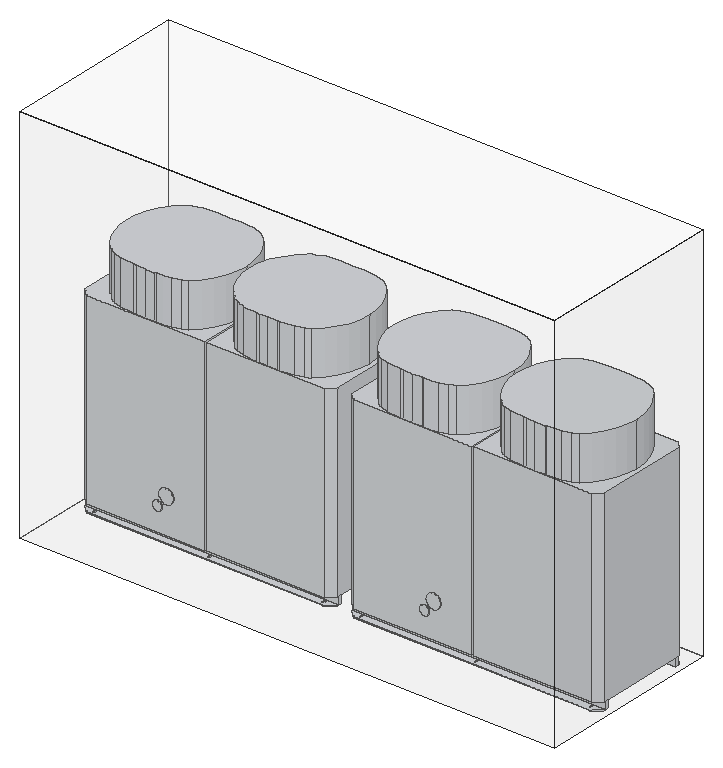
Revit family "pury-ep224_900(s)dmg9_50Hz", category 機械設備, Revit 2019
Family settings
  丸型コネクタ寸法 = 直径を使用
  パーツ タイプ = 標準
  OmniClass 番号 = 23.75.10.24.21.27.27
  OmniClass タイトル = Split System Air Conditioning Units
  作業面ベース = いいえ
  常に垂直 = はい
  ロード時にボイドで切り取り = いいえ
  共有 = いいえ
  部屋計算ポイント = いいえ
Parameters (values of type "PURY-EP900SDMG9_タイプB")
  風量（m3／min） = 640
  風量 = MAX風量  # 38400.0 m³/h
  音響パワーレベル(dB) = 89.5
  電源種別 = ""
  電源位置2Y（ユニット3） = 121 mm
  電源位置2Y（ユニット2） = 121 mm
  電源位置2Y（ユニット1） = 121 mm
  電源位置2X（ユニット3） = 516 mm
  電源位置2X（ユニット2） = 516 mm
  電源位置2X（ユニット1） = 516 mm
  電源位置1Z（ユニット3） = 217 mm
  電源位置1Z（ユニット2） = 217 mm
  電源位置1Z（ユニット1） = 217 mm
  電源位置1X（ユニット3） = 541 mm
  電源位置1X（ユニット2） = 541 mm
  電源位置1X（ユニット1） = 541 mm
  電圧 = 200 V
  電動機出力_送風機 = 3.68 kW
  電動機出力_圧縮機 = 22.2 kW
  集中コントローラ [instance] = ""
  運転質量 = 0.00 kg
  運転方法 = "冷暖同時"
  質量 = if(製品質量 > 運転質量, 製品質量, 運転質量) * 1.2  # 744.00 kg
  負荷分類 = 1_熱源類
  説明 = "ビル用マルチエアコン　室外ユニット シティマルチR2 GR 高効率EX"
  設計暖房能力 [instance] = 0 kW
  設計冷房能力_顕熱 [instance] = 0 kW
  設計冷房能力 [instance] = 0 kW
  設置方法 = "床置形"
  記号 [instance] = ""
  製造元 = "三菱電機株式会社"
  製品質量 = 620.00 kg
  製品出荷対象 = "国内"
  製品リリース年月 = "2024/4/26"
  製品グループ = ""
  系統 [instance] = ""
  符号 = "EHP"
  積算_科目 = "1 空気調和設備"
  積算_拾い区分 [instance] = ""
  相 = 3
  盤記号 [instance] = ""
  発停方法 = "付属スイッチ"
  特殊仕様 [instance] = ""
  消費電力_暖房 = 28.5 kW
  消費電力_冷房 = 30.6 kW
  消費電力 = if(消費電力_冷房 > 消費電力_暖房, 消費電力_冷房, 消費電力_暖房)  # 30.6 kW
  法定耐用年数 = "15"
  極数 = 3
  材質 [instance] = ""
  本体マテリアル = none
  最小電線太さ_mm2 = 100
  最大電流値 = 134 A
  暖房能力 = 100 kW
  推奨ブレーカー容量 = 150 A
  据付ピッチ1 = 0 mm
  形式 = "マルチパッケージ形 室外機"
  幹線記号 [instance] = ""
  始動方式 = ""
  呼称 = "マルチパッケージ形空気調和機"
  周波数 = 50 Hz
  参照している仕様書等のバージョン = "公共建築工事標準仕様書（機械設備工事編）平成31年度版"
  分類コード = "50053003300020"
  分類グループ = ""
  冷房能力 = 90 kW
  冷媒管（液）位置2 (ユニット3) = 146 mm
  冷媒管（液）位置2 (ユニット2) = 146 mm
  冷媒管（液）位置1 (ユニット3） = 533 mm
  冷媒管（ガス）位置2 (ユニット3) = 146 mm
  冷媒管（ガス）位置2 (ユニット2) = 146 mm
  冷媒管（ガス）位置1 (ユニット3) = 140 mm
  冷媒管（ガス）位置1 (ユニット1) = 140 mm
  冷媒管（液）位置1 (ユニット1) = 533 mm
  冷媒管（液）位置2 (ユニット1) = 146 mm
  冷媒管（ガス）位置2 (ユニット1) = 146 mm
  冷媒管（ガス）位置1 (ユニット2) = 140 mm
  冷媒管（液）位置1 (ユニット2） = 533 mm
  冷媒管長 [instance] = 0 mm
  冷媒管径符号 = "Hi"
  冷媒管径3 = 100.00 mm
  冷媒管径2 = 100.00 mm
  冷媒管径 = 100.00 mm
  冷媒管位置3 (ユニット3) = 294.5 mm
  冷媒管位置3 (ユニット2) = 294.5 mm
  冷媒管位置3 (ユニット1) = 294.5 mm
  冷媒管位置2 (ユニット3) = 146 mm
  冷媒管位置2 (ユニット2) = 146 mm
  冷媒管位置1 (ユニット2) = 603 mm
  冷媒管位置2 (ユニット1) = 146 mm
  冷媒管位置1 (ユニット3) = 603 mm
  冷媒管位置1 (ユニット1) = 603 mm
  冷媒液管径3 = 22.20 mm
  冷媒液管径2 = 22.20 mm
  冷媒液管径 = 22.20 mm
  冷媒ガス管径3 = 28.58 mm
  冷媒ガス管径2 = 28.58 mm
  冷媒ガス管径 = 28.58 mm
  企業コード = "108420"
  付属品 [instance] = ""
  仕様書バージョン = "Version1.0"
  ユニット隙間 = if(サービススペース_タイプA, 30 mm, 100 mm)  # 100 mm
  ユニット数 = 2
  ユニットタイプ3 = 筐体モジュール.（R2高効率） : 450K筐体
  ユニットタイプ2 = 筐体モジュール.（R2高効率） : 450K筐体
  ユニットタイプ1 = 筐体モジュール.（R2高効率） : 450K筐体
  ユニット3_S = no
  ユニット3_L = no
  ユニット3 = no
  ユニット2_S = no
  ユニット2_L = no
  ユニット2 = yes
  ユニット1_S = no
  ユニット1_L = no
  モデル = "PURY-EP900SDMG9"
  ドレン管径 = 0.00 mm
  サービススペース_タイプA = no
  サービススペース = yes
  コメント [instance] = ""
  ケーブル種類 = ""
  ケーブルサイズ = 0 mm
  アンカーボルト位置Y（ユニット3） = 681 mm
  アンカーボルト位置Y（ユニット2） = 681 mm
  アンカーボルト位置Y（ユニット1） = 681 mm
  アンカーボルト位置X（ユニット3） = 795 mm
  アンカーボルト位置X（ユニット2） = 795 mm
  アンカーボルト位置X（ユニット1） = 795 mm
  Width3 = 1750 mm
  Width2 = 1750 mm
  Width1 = 1750 mm
  Width = if(ユニット3, Width1 + Width2 + Width3 + 2 * ユニット隙間, if(ユニット2, Width1 + Width2 + 1 * ユニット隙間, Width1))  # 3600 mm
  Version = ""
  Uniclass2015Version = "Systems v1.9"
  Uniclass2015Title = "Split coil remote air cooled condensing units"
  Uniclass2015Code = "Pr_70_65_03_84"
  URL = "https://www.mitsubishielectric.co.jp/ldg/wink/qr/002/331936/"
  SpecificationReference = ""
  SpecificationDescription = ""
  Revision = ""
  ProductInformation = ""
  OmniClassCode = "23-75 10 24 21 27 27"
  OUTLINE2 = outline : outline_XL
  OUTLINE1 = outline : outline_XL
  MAX風量 = 風量（m3／min） * 60.0 m³/h  # 38400.0 m³/h
  IfcTypeProduct = ""
  IfcProduct = ""
  IfcExportType = "AIRCONDITIONINGUNIT"
  IfcExportAs = "IfcUnitaryEquipmentType"
  Height = 1650 mm
  Depth = 740 mm
  Clearance Top [instance] = if(サービススペース_タイプA, 1000 mm, 1000 mm)  # 1000 mm
  Clearance Right [instance] = if(サービススペース_タイプA, 15 mm, 50 mm)  # 50 mm
  Clearance Left [instance] = if(サービススペース_タイプA, 15 mm, 50 mm)  # 50 mm
  Clearance Front [instance] = if(サービススペース_タイプA, 450 mm, 450 mm)  # 450 mm
  Clearance Back [instance] = if(サービススペース_タイプA, 300 mm, 100 mm)  # 100 mm
  COP = 0
  Author = "三菱電機株式会社"
  APF = 0
Reference planes
  plane 1 "中心(正面/背面)": y = 0
  plane 2: z = 0
  plane 3 "中心(左/右)": x = 890
  plane 4 "右": x = 2690
  plane 5 "左": x = -910
  plane 6 "背面": y = 370
  plane 7 "正面": y = -370
  plane 8: z = 1347
  plane 9 "上部": z = 1650
  plane 10 "Clearanse Top": z = 2650
  plane 11: x = -2157
  plane 12 "冷媒操作弁ガス芯2": y = -224
  plane 13 "冷媒操作弁液芯2": y = -224
  plane 14 "SS_back": y = 470
  plane 15 "SS_front": y = -820
  plane 16 "SS_left": x = -960
  plane 17 "SS_right": x = 2740
  plane 18: x = -1010
  plane 19: x = -910
  plane 20: x = 840
  plane 21: x = 940
  plane 22: x = -2760
  plane 23: x = -307
  plane 24: x = 1543
  plane 25: x = -1885
  plane 26: x = -35
  plane 27: x = 1815
  plane 28: z = 53
  plane 29: z = 294.5
  plane 30: y = -224
  plane 31: z = 54
  plane 32: z = 294.5
  plane 33: z = 294.5
  plane 34: x = 1456
  plane 35: x = 1481
  plane 36: x = -394
  plane 37: x = -369
  plane 38: y = -249
  plane 39: y = -249
  plane 40: y = -249
  plane 41: z = 217
  plane 42: z = 217
  plane 43: z = 217
Forms (mm)
  Extrusion 1, solid, detail levels fine
    sketch origin (0, -370, 0) x (1, 0, 0) y (0, 0, 1)
      loop
        circle (1543, 294.5) r 50
    from 0 to 1
  Extrusion 2, solid, visible <- "ユニット2", detail levels fine
    sketch origin (0, -370, 0) x (1, 0, 0) y (0, 0, 1)
      loop
        circle (-307, 294.5) r 50
    from 0 to 1
  Extrusion 3, solid, detail levels fine
    sketch origin (-1437.329, -1524, 54) x (-1, 0, 0) y (0, -1, 0)
      loop
        circle (-2980.329, -1300) r 50
    from 0 to -1
  Extrusion 4, solid, visible <- "ユニット2", detail levels fine
    sketch origin (-1437.329, -1524, 54) x (-1, 0, 0) y (0, -1, 0)
      loop
        circle (-1130.329, -1300) r 50
    from 0 to -1
  Extrusion 5, solid, detail levels fine
    sketch origin (-1437.329, -1524, 54) x (-1, 0, 0) y (0, -1, 0)
      loop
        circle (-2893.329, -1275) r 32.5
    from -1 to 0
  Extrusion 6, solid, visible <- "ユニット2", detail levels fine
    sketch origin (-1437.329, -1524, 54) x (-1, 0, 0) y (0, -1, 0)
      loop
        circle (-1043.329, -1275) r 32.5
    from -1 to 0
  Extrusion 7, solid, detail levels fine
    sketch origin (0, -370, 0) x (1, 0, 0) y (0, 0, 1)
      loop
        circle (1481, 217) r 32.5
    from 0 to 1
  Extrusion 8, solid, visible <- "ユニット2", detail levels fine
    sketch origin (0, -370, 0) x (1, 0, 0) y (0, 0, 1)
      loop
        circle (-369, 217) r 32.5
    from 0 to 1
Lines and regions (mm)
  model lines, not visible
    curve 1: line (460, 178.667, 1289.179) -> (460, 297.73, 1289.179)
    curve 2: line (460, 178.667, 1056.056) -> (460, 178.667, 1289.179)
    curve 3: line (460, 297.73, 1056.056) -> (460, 178.667, 1056.056)
    curve 4: line (460, 297.73, 1289.179) -> (460, 297.73, 1056.056)
    curve 5: line (460, 47.598, 1289.179) -> (460, 166.661, 1289.179)
    curve 6: line (460, 47.598, 1056.056) -> (460, 47.598, 1289.179)
    curve 7: line (460, 166.661, 1056.056) -> (460, 47.598, 1056.056)
    curve 8: line (460, 166.661, 1289.179) -> (460, 166.661, 1056.056)
    curve 9: line (460, -83.471, 1289.179) -> (460, 35.592, 1289.179)
    curve 10: line (460, -83.471, 1056.056) -> (460, -83.471, 1289.179)
    curve 11: line (460, 35.592, 1056.056) -> (460, -83.471, 1056.056)
    curve 12: line (460, 35.592, 1289.179) -> (460, 35.592, 1056.056)
    curve 13: line (460, -150.779, 1289.179) -> (460, -95.75, 1289.179)
    curve 14: line (460, -150.779, 1056.056) -> (460, -150.779, 1289.179)
    curve 15: line (460, -95.75, 1056.056) -> (460, -150.779, 1056.056)
    curve 16: line (460, -95.75, 1289.179) -> (460, -95.75, 1056.056)
    curve 17: line (460, -150.779, 1283.175) -> (460, -132.596, 1283.175)
    curve 18: line (460, -150.779, 1062.059) -> (460, -150.779, 1283.175)
    curve 19: line (460, -132.596, 1062.059) -> (460, -150.779, 1062.059)
    curve 20: line (460, -132.596, 1283.175) -> (460, -132.596, 1062.059)
    curve 21: line (460, 178.667, 1046.051) -> (460, 297.73, 1046.051)
    curve 22: line (460, 178.667, 812.928) -> (460, 178.667, 1046.051)
    curve 23: line (460, 297.73, 812.928) -> (460, 178.667, 812.928)
    curve 24: line (460, 297.73, 1046.051) -> (460, 297.73, 812.928)
    curve 25: line (460, 47.598, 1046.051) -> (460, 166.661, 1046.051)
    curve 26: line (460, 47.598, 812.928) -> (460, 47.598, 1046.051)
    curve 27: line (460, 166.661, 812.928) -> (460, 47.598, 812.928)
    curve 28: line (460, 166.661, 1046.051) -> (460, 166.661, 812.928)
    curve 29: line (460, -83.471, 1046.051) -> (460, 35.592, 1046.051)
    curve 30: line (460, -83.471, 812.928) -> (460, -83.471, 1046.051)
    curve 31: line (460, 35.592, 812.928) -> (460, -83.471, 812.928)
    curve 32: line (460, 35.592, 1046.051) -> (460, 35.592, 812.928)
    curve 33: line (460, -150.779, 1046.051) -> (460, -95.75, 1046.051)
    curve 34: line (460, -150.779, 812.928) -> (460, -150.779, 1046.051)
    curve 35: line (460, -95.75, 812.928) -> (460, -150.779, 812.928)
    curve 36: line (460, -95.75, 1046.051) -> (460, -95.75, 812.928)
    curve 37: line (460, -150.779, 1040.048) -> (460, -132.596, 1040.048)
    curve 38: line (460, -150.779, 818.931) -> (460, -150.779, 1040.048)
    curve 39: line (460, -132.596, 818.931) -> (460, -150.779, 818.931)
    curve 40: line (460, -132.596, 1040.048) -> (460, -132.596, 818.931)
    curve 41: line (460, 178.667, 802.923) -> (460, 297.73, 802.923)
    curve 42: line (460, 178.667, 569.8) -> (460, 178.667, 802.923)
    curve 43: line (460, 297.73, 569.8) -> (460, 178.667, 569.8)
    curve 44: line (460, 297.73, 802.923) -> (460, 297.73, 569.8)
    curve 45: line (460, 47.598, 802.923) -> (460, 166.661, 802.923)
    curve 46: line (460, 47.598, 569.8) -> (460, 47.598, 802.923)
    curve 47: line (460, 166.661, 569.8) -> (460, 47.598, 569.8)
    curve 48: line (460, 166.661, 802.923) -> (460, 166.661, 569.8)
    curve 49: line (460, -83.471, 802.923) -> (460, 35.592, 802.923)
    curve 50: line (460, -83.471, 569.8) -> (460, -83.471, 802.923)
    curve 51: line (460, 35.592, 569.8) -> (460, -83.471, 569.8)
    curve 52: line (460, 35.592, 802.923) -> (460, 35.592, 569.8)
    curve 53: line (460, -150.779, 802.923) -> (460, -95.75, 802.923)
    curve 54: line (460, -150.779, 569.8) -> (460, -150.779, 802.923)
    curve 55: line (460, -95.75, 569.8) -> (460, -150.779, 569.8)
    curve 56: line (460, -95.75, 802.923) -> (460, -95.75, 569.8)
    curve 57: line (460, -150.779, 796.92) -> (460, -132.596, 796.92)
    curve 58: line (460, -150.779, 575.803) -> (460, -150.779, 796.92)
    curve 59: line (460, -132.596, 575.803) -> (460, -150.779, 575.803)
    curve 60: line (460, -132.596, 796.92) -> (460, -132.596, 575.803)
    curve 61: line (460, 178.667, 559.795) -> (460, 297.73, 559.795)
    curve 62: line (460, 178.667, 326.672) -> (460, 178.667, 559.795)
    curve 63: line (460, 297.73, 326.672) -> (460, 178.667, 326.672)
    curve 64: line (460, 297.73, 559.795) -> (460, 297.73, 326.672)
    curve 65: line (460, 47.598, 559.795) -> (460, 166.661, 559.795)
    curve 66: line (460, 47.598, 326.672) -> (460, 47.598, 559.795)
    curve 67: line (460, 166.661, 326.672) -> (460, 47.598, 326.672)
    curve 68: line (460, 166.661, 559.795) -> (460, 166.661, 326.672)
    curve 69: line (460, -83.471, 559.795) -> (460, 35.592, 559.795)
    curve 70: line (460, -83.471, 326.672) -> (460, -83.471, 559.795)
    curve 71: line (460, 35.592, 326.672) -> (460, -83.471, 326.672)
    curve 72: line (460, 35.592, 559.795) -> (460, 35.592, 326.672)
    curve 73: line (460, -150.779, 559.795) -> (460, -95.75, 559.795)
    curve 74: line (460, -150.779, 326.672) -> (460, -150.779, 559.795)
    curve 75: line (460, -95.75, 326.672) -> (460, -150.779, 326.672)
    curve 76: line (460, -95.75, 559.795) -> (460, -95.75, 326.672)
    curve 77: line (460, -150.779, 553.792) -> (460, -132.596, 553.792)
    curve 78: line (460, -150.779, 332.675) -> (460, -150.779, 553.792)
    curve 79: line (460, -132.596, 332.675) -> (460, -150.779, 332.675)
    curve 80: line (460, -132.596, 553.792) -> (460, -132.596, 332.675)
    curve 81: line (460, 178.667, 316.667) -> (460, 297.73, 316.667)
    curve 82: line (460, 178.667, 83.544) -> (460, 178.667, 316.667)
    curve 83: line (460, 297.73, 83.544) -> (460, 178.667, 83.544)
    curve 84: line (460, 297.73, 316.667) -> (460, 297.73, 83.544)
    curve 85: line (460, 47.598, 316.667) -> (460, 166.661, 316.667)
    curve 86: line (460, 47.598, 83.544) -> (460, 47.598, 316.667)
    curve 87: line (460, 166.661, 83.544) -> (460, 47.598, 83.544)
    curve 88: line (460, 166.661, 316.667) -> (460, 166.661, 83.544)
    curve 89: line (460, -83.471, 316.667) -> (460, 35.592, 316.667)
    curve 90: line (460, -83.471, 83.544) -> (460, -83.471, 316.667)
    curve 91: line (460, 35.592, 83.544) -> (460, -83.471, 83.544)
    curve 92: line (460, 35.592, 316.667) -> (460, 35.592, 83.544)
    curve 93: line (460, -150.779, 316.667) -> (460, -95.75, 316.667)
    curve 94: line (460, -150.779, 83.544) -> (460, -150.779, 316.667)
    curve 95: line (460, -95.75, 83.544) -> (460, -150.779, 83.544)
    curve 96: line (460, -95.75, 316.667) -> (460, -95.75, 83.544)
    curve 97: line (460, -150.779, 310.664) -> (460, -132.596, 310.664)
    curve 98: line (460, -150.779, 89.547) -> (460, -150.779, 310.664)
    curve 99: line (460, -132.596, 89.547) -> (460, -150.779, 89.547)
    curve 100: line (460, -132.596, 310.664) -> (460, -132.596, 89.547)
Dimensions and locks
  plane 8 to level = 1347 mm
  equal spacing: plane 7 "正面", plane 1 "中心(正面/背面)", plane 6 "背面", locked at 370 each
  "Depth": plane 7 "正面" to plane 6 "背面"
  "Width": plane 5 "左" to plane 4 "右"
  equal spacing: plane 5 "左", plane 3 "中心(左/右)", plane 4 "右"
  "冷媒管位置2 (ユニット3)": plane 7 "正面" to plane 13 "冷媒操作弁液芯2"
  "冷媒管位置2 (ユニット2)": plane 7 "正面" to plane 12 "冷媒操作弁ガス芯2"
  "Clearance Left": plane 16 "SS_left" to plane 5 "左"
  "Clearance Right": plane 4 "右" to plane 17 "SS_right"
  "Clearance Back": plane 6 "背面" to plane 14 "SS_back"
  "Clearance Front": plane 15 "SS_front" to plane 7 "正面"
  "Clearance Top": plane 10 "Clearanse Top" to plane 9 "上部"
  "Height": plane 9 "上部" to plane 2
  plane 9 "上部" to plane 8 = 303 mm
  "ユニット隙間": plane 18 to plane 19
  "Width2": plane 19 to plane 20
  "ユニット隙間": plane 20 to plane 21
  "Width3": plane 22 to plane 18
  "Width1": plane 21 to plane 4 "右"
  "冷媒管位置1 (ユニット2)": plane 19 to plane 23
  "冷媒管位置1 (ユニット1)": plane 21 to plane 24
  "冷媒管位置1 (ユニット3)": plane 22 to plane 11
  equal spacing: plane 22, plane 25, plane 18
  equal spacing: plane 19, plane 26, plane 20
  equal spacing: plane 21, plane 27, plane 4 "右"
  "冷媒管位置2 (ユニット1)": plane 7 "正面" to plane 30
  plane 31 to level = 54 mm
  "冷媒管位置3 (ユニット1)": plane 29 to level
  locked: plane 31 to plane 28 at 1
  "冷媒管位置3 (ユニット2)": plane 32 to level
  "冷媒管位置3 (ユニット3)": plane 33 to level
  "電源位置2X（ユニット2）": plane 19 to plane 36
  "電源位置2X（ユニット1）": plane 21 to plane 34
  "電源位置2Y（ユニット1）": plane 7 "正面" to plane 38
  "電源位置2Y（ユニット2）": plane 7 "正面" to plane 39
  "電源位置2Y（ユニット3）": plane 7 "正面" to plane 40
  "電源位置1X（ユニット1）": plane 35 to plane 21
  "電源位置1X（ユニット2）": plane 37 to plane 19
  "電源位置1Z（ユニット1）": plane 43 to level
  "電源位置1Z（ユニット2）": plane 42 to level
  "電源位置1Z（ユニット3）": plane 41 to level
  "冷媒管径": diameter of Extrusion 1 sketch curve
  "冷媒管径2": diameter of Extrusion 2 sketch curve
  "冷媒管径": diameter of Extrusion 3 sketch curve
  "冷媒管径2": diameter of Extrusion 4 sketch curve
  radius of Extrusion 5 sketch curve = 32.5 mm
  radius of Extrusion 6 sketch curve = 32.5 mm
  radius of Extrusion 7 sketch curve = 32.5 mm
  aligned and locked: level to plane 2
  aligned and locked: plane 14 "SS_back" to nested 1  (x2)
  aligned and locked: plane 17 "SS_right" to nested 1
  aligned and locked: plane 16 "SS_left" to nested 1  (x2)
  aligned and locked: nested 1 to plane 17 "SS_right"
  aligned and locked: plane 15 "SS_front" to nested 1
  aligned and locked: nested 2 to plane 1 "中心(正面/背面)"
  aligned and locked: plane 10 "Clearanse Top" to nested 1
  aligned and locked: nested 1 to plane 2
  aligned and locked: plane 25 to nested 2
  aligned and locked: plane 29 to Extrusion 1 sketch curve
  aligned and locked: plane 24 to Extrusion 1 sketch curve
  aligned and locked: plane 23 to Extrusion 2 sketch curve
  aligned and locked: plane 30 to Extrusion 3 sketch curve
  aligned and locked: plane 24 to Extrusion 3 sketch curve
  aligned and locked: plane 12 "冷媒操作弁ガス芯2" to Extrusion 4 sketch curve
  aligned and locked: plane 23 to Extrusion 4 sketch curve
  aligned and locked: plane 32 to Extrusion 2 sketch curve
  aligned and locked: plane 34 to Extrusion 5 sketch curve
  aligned and locked: plane 38 to Extrusion 5 sketch curve
  aligned and locked: plane 31 to Extrusion 5
  aligned and locked: Extrusion 5 to plane 28
  aligned and locked: plane 36 to Extrusion 6 sketch curve
  aligned and locked: plane 39 to Extrusion 6 sketch curve
  aligned and locked: plane 31 to Extrusion 6
  aligned and locked: Extrusion 6 to plane 28
  aligned and locked: plane 35 to Extrusion 7 sketch curve
  aligned and locked: plane 43 to Extrusion 7 sketch curve
  aligned and locked: plane 42 to Extrusion 8 sketch curve
  aligned and locked: plane 37 to Extrusion 8 sketch curve
  aligned and locked: Extrusion 8 to plane 7 "正面"
  aligned and locked: Extrusion 7 to plane 7 "正面"
  aligned and locked: Extrusion 8 to Extrusion 2
  aligned and locked: Extrusion 7 to Extrusion 1
  aligned and locked: plane 26 to nested 4
  aligned and locked: plane 27 to nested 5
  aligned and locked: plane 27 to nested 3
  aligned and locked: plane 26 to nested 6
  aligned and locked: plane 1 "中心(正面/背面)" to nested 6
Automatic sketch dimensions
  radius of Extrusion 8 sketch curve = 32.5 mm
Nested families
  nested 1: "サービススペース" at (890, -175, 1325), visible <- "サービススペース", type "サービススペース"
    with Width 3700 mm, Height 2650 mm, Depth 1290 mm
  nested 2: "筐体モジュール.（R2高効率）" at (-1885, 0, 0), 冷媒ガス管径 <- "冷媒ガス管径3", 冷媒液管径 <- "冷媒液管径3", Width <- "Width3", Depth <- "Depth", Height <- "Height", type <- "ユニットタイプ3", 冷媒ガス_X <- "冷媒管（ガス）位置1 (ユニット3)", 冷媒ガス_Y <- "冷媒管（ガス）位置2 (ユニット3)", 冷媒液_X <- "冷媒管（液）位置1 (ユニット3）", 冷媒液_Y <- "冷媒管（液）位置2 (ユニット3)", 冷媒管径 <- "冷媒管径3", 冷媒管径_X <- "冷媒管位置1 (ユニット3)", 冷媒管径_Y <- "冷媒管位置2 (ユニット3)", 冷媒管径_Z <- "冷媒管位置3 (ユニット3)", ユニット2 <- "ユニット3", type "450K筐体"
    with 冷媒管径_Z 294.5 mm, 冷媒管径_Y 146 mm, 冷媒管径_X 603 mm, 冷媒管径 100 mm, 冷媒液管径 22.2 mm, 冷媒液_Z 327 mm, 冷媒液_Y 146 mm, 冷媒液_X 533 mm, 冷媒ガス管径 28.58 mm, 冷媒ガス_Z 262 mm, 冷媒ガス_Y 146 mm, 冷媒ガス_X 140 mm, ユニット4X no, ユニット2 no, Width 1750 mm, Height 1650 mm, Depth 740 mm
  nested 3: "筐体モジュール.（R2高効率）" at (1815, 0, 0), type <- "ユニットタイプ1", 冷媒管径_X <- "冷媒管位置1 (ユニット1)", Width <- "Width1", 冷媒ガス管径 <- "冷媒ガス管径", 冷媒液管径 <- "冷媒液管径", 冷媒液_X <- "冷媒管（液）位置1 (ユニット1)", type "450K筐体", detail levels fine
    with 冷媒管径_Z 294.5 mm, 冷媒管径_Y 146 mm, 冷媒管径_X 603 mm, 冷媒管径 100 mm, 冷媒液管径 22.2 mm, 冷媒液_Z 327 mm, 冷媒液_Y 146 mm, 冷媒液_X 533 mm, 冷媒ガス管径 28.58 mm, 冷媒ガス_Z 262 mm, 冷媒ガス_Y 146 mm, 冷媒ガス_X 140 mm, ユニット4X yes, ユニット2 yes, Width 1750 mm, Height 1650 mm, Depth 740 mm
  nested 4: "outline" at (-35, 0, 0), ユニット2 <- "ユニット2", type <- "OUTLINE2", type "outline_XL", detail levels coarse+medium
    with ユニット4X no, ユニット2 yes, Width 920 mm, Height 1650 mm, Depth 740 mm
  nested 5: "outline" at (1815, 0, 0), type <- "OUTLINE1", type "outline_XL", detail levels coarse+medium
    with ユニット4X no, ユニット2 yes, Width 1220 mm, Height 1650 mm, Depth 740 mm
  nested 6: "筐体モジュール.（R2高効率）" at (-35, 0, 0), type <- "ユニットタイプ2", ユニット2 <- "ユニット2", Width <- "Width2", 冷媒ガス管径 <- "冷媒ガス管径2", 冷媒液管径 <- "冷媒液管径2", 冷媒管径_X <- "冷媒管位置1 (ユニット2)", 冷媒液_X <- "冷媒管（液）位置1 (ユニット2）", type "450K筐体"
    with 冷媒管径_Z 294.5 mm, 冷媒管径_Y 146 mm, 冷媒管径_X 603 mm, 冷媒管径 100 mm, 冷媒液管径 22.2 mm, 冷媒液_Z 327 mm, 冷媒液_Y 146 mm, 冷媒液_X 533 mm, 冷媒ガス管径 28.58 mm, 冷媒ガス_Z 262 mm, 冷媒ガス_Y 146 mm, 冷媒ガス_X 140 mm, ユニット4X yes, ユニット2 yes, Width 1750 mm, Height 1650 mm, Depth 740 mm
Connectors
  piping at (1543, -224, 53), diameter 100, driven by "冷媒管径", driven by "冷媒管径符号"
    settings: on Extrusion 3, index 7, connector inside diameter 609.60 mm, connector length 0 mm, flow factor 0, pipe flow 0.0 L/s, pressure drop 0.0 Pa, fitting loss kfactor 0, connector angle 0.00°, fixture units 0, engagement length 0 mm, angle of deflection 0.00°, flow configuration 1, flow direction 2, fitting loss method 4, system type 7, joint type 0, gender type 0, connector reference index -1, connector utility 0, adjustable connector no, is connector primary yes, connector description "Hi"
  piping at (-307, -224, 53), diameter 100, driven by "冷媒管径2", driven by "冷媒管径符号"
    settings: on Extrusion 4, index 8, connector inside diameter 609.60 mm, connector length 0 mm, flow factor 0, pipe flow 0.0 L/s, pressure drop 0.0 Pa, fitting loss kfactor 0, connector angle 0.00°, fixture units 0, engagement length 0 mm, angle of deflection 0.00°, flow configuration 1, flow direction 2, fitting loss method 4, system type 7, joint type 0, gender type 0, connector reference index -1, connector utility 0, adjustable connector no, is connector primary no, connector description "Hi"
  piping at (-307, -371, 294.5), diameter 100, driven by "冷媒管径2", driven by "冷媒管径符号"
    settings: on Extrusion 2, index 10, connector inside diameter 609.60 mm, connector length 0 mm, flow factor 0, pipe flow 0.0 L/s, pressure drop 0.0 Pa, fitting loss kfactor 0, connector angle 0.00°, fixture units 0, engagement length 0 mm, angle of deflection 0.00°, flow configuration 1, flow direction 2, fitting loss method 4, system type 7, joint type 0, gender type 0, connector reference index -1, connector utility 0, adjustable connector no, is connector primary no, connector description "Hi"
  piping at (1543, -371, 294.5), diameter 100, driven by "冷媒管径", driven by "冷媒管径符号"
    settings: on Extrusion 1, index 11, connector inside diameter 609.60 mm, connector length 0 mm, flow factor 0, pipe flow 0.0 L/s, pressure drop 0.0 Pa, fitting loss kfactor 0, connector angle 0.00°, fixture units 0, engagement length 0 mm, angle of deflection 0.00°, flow configuration 1, flow direction 2, fitting loss method 4, system type 7, joint type 0, gender type 0, connector reference index -1, connector utility 0, adjustable connector no, is connector primary no, connector description "Hi"
  electrical at (-369, -371, 217), driven by "極数", driven by "負荷分類", driven by "電圧", driven by "消費電力"
    settings: on Extrusion 8, index 12, voltage 200 V, apparent load 30600 VA, apparent load phase1 0 VA, apparent load phase2 0 VA, apparent load phase3 0 VA, power factor 1, load classification "1_熱源類", number of poles 3, system type 30, power factor state 1, is connector primary yes, connector utility no, sub classification motor no, connector description ""
  electrical at (1481, -371, 217), driven by "極数", driven by "負荷分類", driven by "電圧", driven by "消費電力"
    settings: on Extrusion 7, index 13, voltage 200 V, apparent load 30600 VA, apparent load phase1 0 VA, apparent load phase2 0 VA, apparent load phase3 0 VA, power factor 1, load classification "1_熱源類", number of poles 3, system type 30, power factor state 1, is connector primary no, connector utility no, sub classification motor no, connector description ""
  electrical at (1456, -249, 53), driven by "極数", driven by "負荷分類", driven by "電圧", driven by "消費電力"
    settings: on Extrusion 5, index 14, voltage 200 V, apparent load 30600 VA, apparent load phase1 0 VA, apparent load phase2 0 VA, apparent load phase3 0 VA, power factor 1, load classification "1_熱源類", number of poles 3, system type 30, power factor state 1, is connector primary no, connector utility no, sub classification motor no, connector description ""
  electrical at (-394, -249, 53), driven by "極数", driven by "負荷分類", driven by "電圧", driven by "消費電力"
    settings: on Extrusion 6, index 15, voltage 200 V, apparent load 30600 VA, apparent load phase1 0 VA, apparent load phase2 0 VA, apparent load phase3 0 VA, power factor 1, load classification "1_熱源類", number of poles 3, system type 30, power factor state 1, is connector primary no, connector utility no, sub classification motor no, connector description ""
Definition of nested family "サービススペース"
  Parameters (values of type "サービススペース")
    Width [instance] = 500 mm
    Height [instance] = 500 mm
    Depth [instance] = 500 mm
  Reference planes
    plane 1 "中心(正面/背面)": y = 0
    plane 2: z = 0
    plane 3 "中心(左/右)": x = 0
    plane 4: y = -250
    plane 5: x = 250
    plane 6: y = 250
    plane 7: x = -250
    plane 8: z = 250
    plane 9: z = -250
  Forms (mm)
    Extrusion 1, solid
      sketch origin (-638.939, 0, 72.39) x (1, 0, 0) y (0, 1, 0)
        loop
          line (388.939, 250) -> (388.939, -250) -> (888.939, -250) -> (888.939, 250) -> (388.939, 250)
      from -322.39 to 177.61
  Lines and regions (mm)
    symbolic lines
      curve 1: line (-250, 0, 250) -> (250, 0, 250)
      curve 2: line (-250, 0, -250) -> (-250, 0, 250)
      curve 3: line (250, 0, -250) -> (-250, 0, -250)
      curve 4: line (250, 0, 250) -> (250, 0, -250)
      curve 5: line (0, -250, 250) -> (0, 250, 250)
      curve 6: line (0, -250, -250) -> (0, -250, 250)
      curve 7: line (0, 250, -250) -> (0, -250, -250)
      curve 8: line (0, 250, 250) -> (0, 250, -250)
      curve 9: line (-250, 250, 0) -> (250, 250, 0)
      curve 10: line (-250, -250, 0) -> (-250, 250, 0)
      curve 11: line (250, -250, 0) -> (-250, -250, 0)
      curve 12: line (250, 250, 0) -> (250, -250, 0)
  Dimensions and locks
    equal spacing: plane 7, plane 3 "中心(左/右)", plane 5
    equal spacing: plane 4, plane 1 "中心(正面/背面)", plane 6
    "Depth": plane 4 to plane 6
    "Width": plane 7 to plane 5
    equal spacing: plane 8, plane 2, plane 9
    "Height": plane 8 to plane 9
    aligned and locked: plane 9 to curve 3
    aligned and locked: plane 7 to curve 2
    aligned and locked: curve 4 to plane 5
    aligned and locked: plane 5 to Extrusion 1
    aligned and locked: Extrusion 1 to plane 7
    aligned and locked: Extrusion 1 to plane 9
    aligned and locked: plane 8 to Extrusion 1
    aligned and locked: plane 9 to curve 7
  Automatic sketch dimensions
    plane 4 to Extrusion 1 sketch curve = 0 mm
    Extrusion 1 sketch curve to plane 7 = 0 mm
    Extrusion 1 sketch curve to plane 5 = 0 mm
    plane 6 to Extrusion 1 sketch curve = 0 mm
    curve 2 to plane 8 = 0 mm
    plane 4 to curve 11 = 0 mm
    curve 11 to plane 7 = 0 mm
    curve 11 to plane 5 = 0 mm
    plane 6 to curve 10 = 0 mm
    curve 7 to plane 4 = 0 mm
    curve 7 to plane 6 = 0 mm
    curve 6 to plane 8 = 0 mm
Definition of nested family "筐体モジュール.（R2高効率）"
  Parameters (values of type "400K筐体")
    冷媒管径_Z [instance] = 294.5 mm
    冷媒管径_Y [instance] = 146 mm
    冷媒管径_X [instance] = 603 mm
    冷媒管径 [instance] = 100 mm
    冷媒液管径 [instance] = 19.05 mm
    冷媒液_Z [instance] = 327 mm
    冷媒液_Y [instance] = 146 mm
    冷媒液_X [instance] = 533 mm
    冷媒ガス管径 [instance] = 25.4 mm
    冷媒ガス_Z [instance] = 262 mm
    冷媒ガス_Y [instance] = 146 mm
    冷媒ガス_X [instance] = 140 mm
    ユニット4X [instance] = and(ユニット2, Width = 1750 mm)  # yes
    ユニット2 [instance] = yes
    Width [instance] = 1750 mm
    W = 1750 mm
    Height [instance] = 1650 mm
    Depth [instance] = 740 mm
  Types (2, lengths in mm): name | 冷媒液管径 | 冷媒ガス管径
    400K筐体 | 19.05 | 25.4
    450K筐体 | 22.2 | 28.58
  Reference planes
    plane 1 "中心(正面/背面)": y = 0
    plane 2: z = 0
    plane 3 "中心(左/右)": x = 0
    plane 4: y = -370
    plane 5: y = 370
    plane 6: x = -875
    plane 7: z = 1347
    plane 8: z = 1650
    plane 9: y = -313
    plane 10: y = -293
    plane 11 "本体下部": z = 54
    plane 12: y = 370
    plane 13: y = 313
    plane 14: y = 293
    plane 15: y = 340.5
    plane 16: x = -795
    plane 17: y = -340.5
    plane 18 "電源高さ": z = 327
    plane 19 "冷媒管高さ": z = 294.5
    plane 20 "冷媒操作弁ガス芯4": z = 53
    plane 21: x = 875
    plane 22: x = -875
    plane 23: x = 875
    plane 24: x = -342
    plane 25: x = -272
    plane 26: x = -202
    plane 27: y = -224
    plane 28: y = -224
    plane 29: y = -224
    plane 30: z = 262
    plane 31: x = 795
  Forms (mm)
    Extrusion 1, solid, visible <- "ユニット4X", detail levels fine
      sketch origin (-460, 0, 0) x (1, 0, 0) y (0, 1, 0)
        loop
          line (-415, -320.583) -> (-365.583, -370) -> (455.244, -370) -> (455.244, 370) -> (-365.831, 370) -> (-415, 320.831) -> (-415, -320.583)
        loop
          line (464.756, 370) -> (464.756, -370) -> (1285.583, -370) -> (1335, -320.583) -> (1335, 320.831) -> (1285.831, 370) -> (464.756, 370)
      from 54 to 1347
    Extrusion 2, solid, visible <- "ユニット4X", detail levels fine
      sketch origin (-460, 0, 0) x (1, 0, 0) y (0, 1, 0)
        loop
          line (-415, -293) -> (-415, -313) -> (1335, -313) -> (1335, -293) -> (-415, -293)
      from 0 to 54
    Extrusion 3, solid, visible <- "ユニット4X", detail levels fine
      sketch origin (-460, 0, 0) x (1, 0, 0) y (0, 1, 0)
        loop
          line (-415, 293) -> (1335, 293) -> (1335, 313) -> (-415, 313) -> (-415, 293)
      from 0 to 54
    Extrusion 4, solid, visible <- "ユニット4X", detail levels fine
      sketch origin (-460, 0, 0) x (1, 0, 0) y (0, 1, 0)
        loop
          line (-415, -313) -> (-415, -320.583) -> (-365.583, -370) -> (1285.583, -370) -> (1335, -320.583) -> (1335, -313) -> (-415, -313)
        loop
          line (-328, -343.5) -> (-328, -337.5)
          arc (-328, -337.5) -> (-335, -330.5) -> (-342, -337.5) r 7
          line (-342, -337.5) -> (-342, -343.5)
          arc (-342, -343.5) -> (-335, -350.5) -> (-328, -343.5) r 7
        loop
          arc (1248, -343.5) -> (1255, -350.5) -> (1262, -343.5) r 7
          line (1262, -343.5) -> (1262, -337.5)
          arc (1262, -337.5) -> (1255, -330.5) -> (1248, -337.5) r 7
          line (1248, -337.5) -> (1248, -343.5)
        loop
          line (467, -343.5) -> (467, -337.5)
          arc (467, -337.5) -> (460, -330.5) -> (453, -337.5) r 7
          line (453, -337.5) -> (453, -343.5)
          arc (453, -343.5) -> (460, -350.5) -> (467, -343.5) r 7
      from 0 to 2
    Extrusion 5, solid, visible <- "ユニット4X", detail levels fine
      sketch origin (-759.5, 0, -2.5) x (1, 0, 0) y (0, 0, 1)
        loop
          circle (487.5, 297) r 50
      from 370 to 371
    Extrusion 6, solid, visible <- "ユニット4X", detail levels fine
      sketch origin (-460, 0, 0) x (1, 0, 0) y (0, 1, 0)
        loop
          circle (188, -224) r 50
      from 53 to 54
    Extrusion 7, solid, visible <- "ユニット4X", detail levels fine
      sketch origin (-460, 0, 0) x (1, 0, 0) y (0, 1, 0)
        loop
          circle (118, -224) r 9.525
      from 53 to 54
    Extrusion 8, solid, visible <- "ユニット4X", detail levels fine
      sketch origin (-460, 0, 0) x (1, 0, 0) y (0, 1, 0)
        loop
          circle (258, -224) r 12.7
      from 53 to 54
    Extrusion 9, solid, visible <- "ユニット4X", detail levels fine
      sketch origin (-460, 0, 0) x (1, 0, 0) y (0, 1, 0)
        loop
          line (-415, 313) -> (1335, 313) -> (1335, 320.583) -> (1285.583, 370) -> (-365.583, 370) -> (-415, 320.583) -> (-415, 313)
        loop
          arc (-328, 343.5) -> (-335, 350.5) -> (-342, 343.5) r 7
          line (-342, 343.5) -> (-342, 337.5)
          arc (-342, 337.5) -> (-335, 330.5) -> (-328, 337.5) r 7
          line (-328, 337.5) -> (-328, 343.5)
        loop
          line (1248, 343.5) -> (1248, 337.5)
          arc (1248, 337.5) -> (1255, 330.5) -> (1262, 337.5) r 7
          line (1262, 337.5) -> (1262, 343.5)
          arc (1262, 343.5) -> (1255, 350.5) -> (1248, 343.5) r 7
        loop
          arc (467, 343.5) -> (460, 350.5) -> (453, 343.5) r 7
          line (453, 343.5) -> (453, 337.5)
          arc (453, 337.5) -> (460, 330.5) -> (467, 337.5) r 7
          line (467, 337.5) -> (467, 343.5)
      from 0 to 2
    Extrusion 10, solid, visible <- "ユニット4X", detail levels fine
      sketch origin (426.031, 0, 0) x (-1, 0, 0) y (0, -1, 0)
        loop
          arc (-268.081, -316.106) -> (-250.974, -327.516) -> (-232.369, -336.274) r 138.853
          arc (-232.369, -336.274) -> (-204.68, -346.28) -> (-176.163, -353.601) r 308.609
          arc (-176.163, -353.601) -> (-128.058, -361) -> (-79.445, -363.367) r 468.429
          line (-79.445, -363.367) -> (0, -363.367) -> (79.445, -363.367)
          arc (79.445, -363.367) -> (128.058, -361) -> (176.163, -353.601) r 468.429
          arc (176.163, -353.601) -> (204.68, -346.28) -> (232.369, -336.274) r 308.609
          arc (232.369, -336.274) -> (250.84, -327.278) -> (268.082, -316.106) r 168.924
          arc (268.082, -316.106) -> (376.101, -174.18) -> (414.476, 0) r 414.476
          arc (414.476, 0) -> (376.101, 174.18) -> (268.081, 316.106) r 414.476
          arc (268.081, 316.106) -> (250.84, 327.278) -> (232.369, 336.274) r 168.924
          arc (232.369, 336.274) -> (204.68, 346.28) -> (176.163, 353.601) r 308.609
          arc (176.163, 353.601) -> (128.058, 361) -> (79.445, 363.367) r 468.429
          arc (79.445, 363.367) -> (71.906, 363.425) -> (64.372, 363.142) r 167.153
          line (64.372, 363.142) -> (0, 363.142) -> (-64.372, 363.142)
          arc (-64.372, 363.142) -> (-71.906, 363.425) -> (-79.445, 363.367) r 167.153
          arc (-79.445, 363.367) -> (-128.058, 361) -> (-176.163, 353.601) r 468.429
          arc (-176.163, 353.601) -> (-204.68, 346.28) -> (-232.369, 336.274) r 308.609
          arc (-232.369, 336.274) -> (-250.84, 327.278) -> (-268.081, 316.106) r 168.924
          arc (-268.081, 316.106) -> (-376.101, 174.18) -> (-414.476, 0) r 414.476
          arc (-414.476, 0) -> (-376.101, -174.18) -> (-268.081, -316.106) r 414.476
      from 1347 to 1650
    Extrusion 11, solid, visible <- "ユニット4X", detail levels fine
      sketch origin (-426.031, 0, 0) x (1, 0, 0) y (0, 1, 0)
        loop
          arc (-268.081, 316.106) -> (-376.101, 174.18) -> (-414.476, 0) r 414.476
          arc (-414.476, 0) -> (-376.101, -174.18) -> (-268.081, -316.106) r 414.476
          arc (-268.081, -316.106) -> (-250.84, -327.278) -> (-232.369, -336.274) r 168.924
          arc (-232.369, -336.274) -> (-204.68, -346.28) -> (-176.163, -353.601) r 308.609
          arc (-176.163, -353.601) -> (-128.058, -361) -> (-79.445, -363.367) r 468.429
          arc (-79.445, -363.367) -> (-71.906, -363.425) -> (-64.372, -363.142) r 167.153
          line (-64.372, -363.142) -> (0, -363.142) -> (64.372, -363.142)
          arc (64.372, -363.142) -> (71.906, -363.425) -> (79.445, -363.367) r 167.153
          arc (79.445, -363.367) -> (129.328, -360.87) -> (178.663, -353.076) r 468.429
          arc (178.663, -353.076) -> (205.901, -345.901) -> (232.372, -336.274) r 308.61
          arc (232.372, -336.274) -> (251.312, -327.333) -> (268.992, -316.106) r 167.985
          arc (268.992, -316.106) -> (376.782, -174.112) -> (415.066, 0) r 415.066
          arc (415.066, 0) -> (376.782, 174.112) -> (268.992, 316.106) r 415.066
          arc (268.992, 316.106) -> (251.312, 327.333) -> (232.372, 336.274) r 167.985
          arc (232.372, 336.274) -> (205.901, 345.901) -> (178.663, 353.076) r 308.61
          arc (178.663, 353.076) -> (129.328, 360.87) -> (79.445, 363.367) r 468.429
          line (79.445, 363.367) -> (0, 363.367) -> (-79.445, 363.367)
          arc (-79.445, 363.367) -> (-128.058, 361) -> (-176.163, 353.601) r 468.429
          arc (-176.163, 353.601) -> (-204.68, 346.28) -> (-232.369, 336.274) r 308.609
          arc (-232.369, 336.274) -> (-250.974, 327.516) -> (-268.081, 316.106) r 138.853
      from 1347 to 1650
  Lines and regions (mm)
    Masking region 1, visible <- "ユニット4X", detail levels coarse+medium
      outline origin (0, 0, 0) x (1, 0, 0) y (0, 1, 0)
        loop
          line (-825.831, 370) -> (-875, 320.831) -> (-875, -320.583) -> (-825.583, -370) -> (825.583, -370) -> (875, -320.583) -> (875, 320.831) -> (825.831, 370) -> (-825.831, 370)
    model lines, visible <- "ユニット4X", detail levels fine
      curve 1: line (-875, 178.667, 1289.179) -> (-875, 297.73, 1289.179)
      curve 2: line (-875, 178.667, 1056.056) -> (-875, 178.667, 1289.179)
      curve 3: line (-875, 297.73, 1056.056) -> (-875, 178.667, 1056.056)
      curve 4: line (-875, 297.73, 1289.179) -> (-875, 297.73, 1056.056)
      curve 5: line (-875, 47.598, 1289.179) -> (-875, 166.661, 1289.179)
      curve 6: line (-875, 47.598, 1056.056) -> (-875, 47.598, 1289.179)
      curve 7: line (-875, 166.661, 1056.056) -> (-875, 47.598, 1056.056)
      curve 8: line (-875, 166.661, 1289.179) -> (-875, 166.661, 1056.056)
      curve 9: line (-875, -83.471, 1289.179) -> (-875, 35.592, 1289.179)
      curve 10: line (-875, -83.471, 1056.056) -> (-875, -83.471, 1289.179)
      curve 11: line (-875, 35.592, 1056.056) -> (-875, -83.471, 1056.056)
      curve 12: line (-875, 35.592, 1289.179) -> (-875, 35.592, 1056.056)
      curve 13: line (-875, -150.779, 1289.179) -> (-875, -95.75, 1289.179)
      curve 14: line (-875, -150.779, 1056.056) -> (-875, -150.779, 1289.179)
      curve 15: line (-875, -95.75, 1056.056) -> (-875, -150.779, 1056.056)
      curve 16: line (-875, -95.75, 1289.179) -> (-875, -95.75, 1056.056)
      curve 17: line (-875, -150.779, 1283.175) -> (-875, -132.596, 1283.175)
      curve 18: line (-875, -150.779, 1062.059) -> (-875, -150.779, 1283.175)
      curve 19: line (-875, -132.596, 1062.059) -> (-875, -150.779, 1062.059)
      curve 20: line (-875, -132.596, 1283.175) -> (-875, -132.596, 1062.059)
      curve 21: line (-875, 178.667, 1046.051) -> (-875, 297.73, 1046.051)
      curve 22: line (-875, 178.667, 812.928) -> (-875, 178.667, 1046.051)
      curve 23: line (-875, 297.73, 812.928) -> (-875, 178.667, 812.928)
      curve 24: line (-875, 297.73, 1046.051) -> (-875, 297.73, 812.928)
      curve 25: line (-875, 47.598, 1046.051) -> (-875, 166.661, 1046.051)
      curve 26: line (-875, 47.598, 812.928) -> (-875, 47.598, 1046.051)
      curve 27: line (-875, 166.661, 812.928) -> (-875, 47.598, 812.928)
      curve 28: line (-875, 166.661, 1046.051) -> (-875, 166.661, 812.928)
      curve 29: line (-875, -83.471, 1046.051) -> (-875, 35.592, 1046.051)
      curve 30: line (-875, -83.471, 812.928) -> (-875, -83.471, 1046.051)
      curve 31: line (-875, 35.592, 812.928) -> (-875, -83.471, 812.928)
      curve 32: line (-875, 35.592, 1046.051) -> (-875, 35.592, 812.928)
      curve 33: line (-875, -150.779, 1046.051) -> (-875, -95.75, 1046.051)
      curve 34: line (-875, -150.779, 812.928) -> (-875, -150.779, 1046.051)
      curve 35: line (-875, -95.75, 812.928) -> (-875, -150.779, 812.928)
      curve 36: line (-875, -95.75, 1046.051) -> (-875, -95.75, 812.928)
      curve 37: line (-875, -150.779, 1040.048) -> (-875, -132.596, 1040.048)
      curve 38: line (-875, -150.779, 818.931) -> (-875, -150.779, 1040.048)
      curve 39: line (-875, -132.596, 818.931) -> (-875, -150.779, 818.931)
      curve 40: line (-875, -132.596, 1040.048) -> (-875, -132.596, 818.931)
      curve 41: line (-875, 178.667, 802.923) -> (-875, 297.73, 802.923)
      curve 42: line (-875, 178.667, 569.8) -> (-875, 178.667, 802.923)
      curve 43: line (-875, 297.73, 569.8) -> (-875, 178.667, 569.8)
      curve 44: line (-875, 297.73, 802.923) -> (-875, 297.73, 569.8)
      curve 45: line (-875, 47.598, 802.923) -> (-875, 166.661, 802.923)
      curve 46: line (-875, 47.598, 569.8) -> (-875, 47.598, 802.923)
      curve 47: line (-875, 166.661, 569.8) -> (-875, 47.598, 569.8)
      curve 48: line (-875, 166.661, 802.923) -> (-875, 166.661, 569.8)
      curve 49: line (-875, -83.471, 802.923) -> (-875, 35.592, 802.923)
      curve 50: line (-875, -83.471, 569.8) -> (-875, -83.471, 802.923)
      curve 51: line (-875, 35.592, 569.8) -> (-875, -83.471, 569.8)
      curve 52: line (-875, 35.592, 802.923) -> (-875, 35.592, 569.8)
      curve 53: line (-875, -150.779, 802.923) -> (-875, -95.75, 802.923)
      curve 54: line (-875, -150.779, 569.8) -> (-875, -150.779, 802.923)
      curve 55: line (-875, -95.75, 569.8) -> (-875, -150.779, 569.8)
      curve 56: line (-875, -95.75, 802.923) -> (-875, -95.75, 569.8)
      curve 57: line (-875, -150.779, 796.92) -> (-875, -132.596, 796.92)
      curve 58: line (-875, -150.779, 575.803) -> (-875, -150.779, 796.92)
      curve 59: line (-875, -132.596, 575.803) -> (-875, -150.779, 575.803)
      curve 60: line (-875, -132.596, 796.92) -> (-875, -132.596, 575.803)
      curve 61: line (-875, 178.667, 559.795) -> (-875, 297.73, 559.795)
      curve 62: line (-875, 178.667, 326.672) -> (-875, 178.667, 559.795)
      curve 63: line (-875, 297.73, 326.672) -> (-875, 178.667, 326.672)
      curve 64: line (-875, 297.73, 559.795) -> (-875, 297.73, 326.672)
      curve 65: line (-875, 47.598, 559.795) -> (-875, 166.661, 559.795)
      curve 66: line (-875, 47.598, 326.672) -> (-875, 47.598, 559.795)
      curve 67: line (-875, 166.661, 326.672) -> (-875, 47.598, 326.672)
      curve 68: line (-875, 166.661, 559.795) -> (-875, 166.661, 326.672)
      curve 69: line (-875, -83.471, 559.795) -> (-875, 35.592, 559.795)
      curve 70: line (-875, -83.471, 326.672) -> (-875, -83.471, 559.795)
      curve 71: line (-875, 35.592, 326.672) -> (-875, -83.471, 326.672)
      curve 72: line (-875, 35.592, 559.795) -> (-875, 35.592, 326.672)
      curve 73: line (-875, -150.779, 559.795) -> (-875, -95.75, 559.795)
      curve 74: line (-875, -150.779, 326.672) -> (-875, -150.779, 559.795)
      curve 75: line (-875, -95.75, 326.672) -> (-875, -150.779, 326.672)
      curve 76: line (-875, -95.75, 559.795) -> (-875, -95.75, 326.672)
      curve 77: line (-875, -150.779, 553.792) -> (-875, -132.596, 553.792)
      curve 78: line (-875, -150.779, 332.675) -> (-875, -150.779, 553.792)
      curve 79: line (-875, -132.596, 332.675) -> (-875, -150.779, 332.675)
      curve 80: line (-875, -132.596, 553.792) -> (-875, -132.596, 332.675)
      curve 81: line (-875, 178.667, 316.667) -> (-875, 297.73, 316.667)
      curve 82: line (-875, 178.667, 83.544) -> (-875, 178.667, 316.667)
      curve 83: line (-875, 297.73, 83.544) -> (-875, 178.667, 83.544)
      curve 84: line (-875, 297.73, 316.667) -> (-875, 297.73, 83.544)
      curve 85: line (-875, 47.598, 316.667) -> (-875, 166.661, 316.667)
      curve 86: line (-875, 47.598, 83.544) -> (-875, 47.598, 316.667)
      curve 87: line (-875, 166.661, 83.544) -> (-875, 47.598, 83.544)
      curve 88: line (-875, 166.661, 316.667) -> (-875, 166.661, 83.544)
      curve 89: line (-875, -83.471, 316.667) -> (-875, 35.592, 316.667)
      curve 90: line (-875, -83.471, 83.544) -> (-875, -83.471, 316.667)
      curve 91: line (-875, 35.592, 83.544) -> (-875, -83.471, 83.544)
      curve 92: line (-875, 35.592, 316.667) -> (-875, 35.592, 83.544)
      curve 93: line (-875, -150.779, 316.667) -> (-875, -95.75, 316.667)
      curve 94: line (-875, -150.779, 83.544) -> (-875, -150.779, 316.667)
      curve 95: line (-875, -95.75, 83.544) -> (-875, -150.779, 83.544)
      curve 96: line (-875, -95.75, 316.667) -> (-875, -95.75, 83.544)
      curve 97: line (-875, -150.779, 310.664) -> (-875, -132.596, 310.664)
      curve 98: line (-875, -150.779, 89.547) -> (-875, -150.779, 310.664)
      curve 99: line (-875, -132.596, 89.547) -> (-875, -150.779, 89.547)
      curve 100: line (-875, -132.596, 310.664) -> (-875, -132.596, 89.547)
      curve 201: line (875, 178.667, 1289.179) -> (875, 297.73, 1289.179)
      curve 202: line (875, 178.667, 1056.056) -> (875, 178.667, 1289.179)
      curve 203: line (875, 297.73, 1056.056) -> (875, 178.667, 1056.056)
      curve 204: line (875, 297.73, 1289.179) -> (875, 297.73, 1056.056)
      curve 205: line (875, 47.598, 1289.179) -> (875, 166.661, 1289.179)
      curve 206: line (875, 47.598, 1056.056) -> (875, 47.598, 1289.179)
      curve 207: line (875, 166.661, 1056.056) -> (875, 47.598, 1056.056)
      curve 208: line (875, 166.661, 1289.179) -> (875, 166.661, 1056.056)
      curve 209: line (875, -83.471, 1289.179) -> (875, 35.592, 1289.179)
      curve 210: line (875, -83.471, 1056.056) -> (875, -83.471, 1289.179)
      curve 211: line (875, 35.592, 1056.056) -> (875, -83.471, 1056.056)
      curve 212: line (875, 35.592, 1289.179) -> (875, 35.592, 1056.056)
      curve 213: line (875, -150.779, 1289.179) -> (875, -95.75, 1289.179)
      curve 214: line (875, -150.779, 1056.056) -> (875, -150.779, 1289.179)
      curve 215: line (875, -95.75, 1056.056) -> (875, -150.779, 1056.056)
      curve 216: line (875, -95.75, 1289.179) -> (875, -95.75, 1056.056)
      curve 217: line (875, -150.779, 1283.175) -> (875, -132.596, 1283.175)
      curve 218: line (875, -150.779, 1062.059) -> (875, -150.779, 1283.175)
      curve 219: line (875, -132.596, 1062.059) -> (875, -150.779, 1062.059)
      curve 220: line (875, -132.596, 1283.175) -> (875, -132.596, 1062.059)
      curve 221: line (875, 178.667, 1046.051) -> (875, 297.73, 1046.051)
      curve 222: line (875, 178.667, 812.928) -> (875, 178.667, 1046.051)
      curve 223: line (875, 297.73, 812.928) -> (875, 178.667, 812.928)
      curve 224: line (875, 297.73, 1046.051) -> (875, 297.73, 812.928)
      curve 225: line (875, 47.598, 1046.051) -> (875, 166.661, 1046.051)
      curve 226: line (875, 47.598, 812.928) -> (875, 47.598, 1046.051)
      curve 227: line (875, 166.661, 812.928) -> (875, 47.598, 812.928)
      curve 228: line (875, 166.661, 1046.051) -> (875, 166.661, 812.928)
      curve 229: line (875, -83.471, 1046.051) -> (875, 35.592, 1046.051)
      curve 230: line (875, -83.471, 812.928) -> (875, -83.471, 1046.051)
      curve 231: line (875, 35.592, 812.928) -> (875, -83.471, 812.928)
      curve 232: line (875, 35.592, 1046.051) -> (875, 35.592, 812.928)
      curve 233: line (875, -150.779, 1046.051) -> (875, -95.75, 1046.051)
      curve 234: line (875, -150.779, 812.928) -> (875, -150.779, 1046.051)
      curve 235: line (875, -95.75, 812.928) -> (875, -150.779, 812.928)
      curve 236: line (875, -95.75, 1046.051) -> (875, -95.75, 812.928)
      curve 237: line (875, -150.779, 1040.048) -> (875, -132.596, 1040.048)
      curve 238: line (875, -150.779, 818.931) -> (875, -150.779, 1040.048)
      curve 239: line (875, -132.596, 818.931) -> (875, -150.779, 818.931)
      curve 240: line (875, -132.596, 1040.048) -> (875, -132.596, 818.931)
      curve 241: line (875, 178.667, 802.923) -> (875, 297.73, 802.923)
      curve 242: line (875, 178.667, 569.8) -> (875, 178.667, 802.923)
      curve 243: line (875, 297.73, 569.8) -> (875, 178.667, 569.8)
      curve 244: line (875, 297.73, 802.923) -> (875, 297.73, 569.8)
      curve 245: line (875, 47.598, 802.923) -> (875, 166.661, 802.923)
      curve 246: line (875, 47.598, 569.8) -> (875, 47.598, 802.923)
      curve 247: line (875, 166.661, 569.8) -> (875, 47.598, 569.8)
      curve 248: line (875, 166.661, 802.923) -> (875, 166.661, 569.8)
      curve 249: line (875, -83.471, 802.923) -> (875, 35.592, 802.923)
      curve 250: line (875, -83.471, 569.8) -> (875, -83.471, 802.923)
      curve 251: line (875, 35.592, 569.8) -> (875, -83.471, 569.8)
      curve 252: line (875, 35.592, 802.923) -> (875, 35.592, 569.8)
      curve 253: line (875, -150.779, 802.923) -> (875, -95.75, 802.923)
      curve 254: line (875, -150.779, 569.8) -> (875, -150.779, 802.923)
      curve 255: line (875, -95.75, 569.8) -> (875, -150.779, 569.8)
      curve 256: line (875, -95.75, 802.923) -> (875, -95.75, 569.8)
      curve 257: line (875, -150.779, 796.92) -> (875, -132.596, 796.92)
      curve 258: line (875, -150.779, 575.803) -> (875, -150.779, 796.92)
      curve 259: line (875, -132.596, 575.803) -> (875, -150.779, 575.803)
      curve 260: line (875, -132.596, 796.92) -> (875, -132.596, 575.803)
      curve 261: line (875, 178.667, 559.795) -> (875, 297.73, 559.795)
      curve 262: line (875, 178.667, 326.672) -> (875, 178.667, 559.795)
      curve 263: line (875, 297.73, 326.672) -> (875, 178.667, 326.672)
      curve 264: line (875, 297.73, 559.795) -> (875, 297.73, 326.672)
      curve 265: line (875, 47.598, 559.795) -> (875, 166.661, 559.795)
      curve 266: line (875, 47.598, 326.672) -> (875, 47.598, 559.795)
      curve 267: line (875, 166.661, 326.672) -> (875, 47.598, 326.672)
      curve 268: line (875, 166.661, 559.795) -> (875, 166.661, 326.672)
      curve 269: line (875, -83.471, 559.795) -> (875, 35.592, 559.795)
      curve 270: line (875, -83.471, 326.672) -> (875, -83.471, 559.795)
      curve 271: line (875, 35.592, 326.672) -> (875, -83.471, 326.672)
      curve 272: line (875, 35.592, 559.795) -> (875, 35.592, 326.672)
      curve 273: line (875, -150.779, 559.795) -> (875, -95.75, 559.795)
      curve 274: line (875, -150.779, 326.672) -> (875, -150.779, 559.795)
      curve 275: line (875, -95.75, 326.672) -> (875, -150.779, 326.672)
      curve 276: line (875, -95.75, 559.795) -> (875, -95.75, 326.672)
      curve 277: line (875, -150.779, 553.792) -> (875, -132.596, 553.792)
      curve 278: line (875, -150.779, 332.675) -> (875, -150.779, 553.792)
      curve 279: line (875, -132.596, 332.675) -> (875, -150.779, 332.675)
      curve 280: line (875, -132.596, 553.792) -> (875, -132.596, 332.675)
      curve 281: line (875, 178.667, 316.667) -> (875, 297.73, 316.667)
      curve 282: line (875, 178.667, 83.544) -> (875, 178.667, 316.667)
      curve 283: line (875, 297.73, 83.544) -> (875, 178.667, 83.544)
      curve 284: line (875, 297.73, 316.667) -> (875, 297.73, 83.544)
      curve 285: line (875, 47.598, 316.667) -> (875, 166.661, 316.667)
      curve 286: line (875, 47.598, 83.544) -> (875, 47.598, 316.667)
      curve 287: line (875, 166.661, 83.544) -> (875, 47.598, 83.544)
      curve 288: line (875, 166.661, 316.667) -> (875, 166.661, 83.544)
      curve 289: line (875, -83.471, 316.667) -> (875, 35.592, 316.667)
      curve 290: line (875, -83.471, 83.544) -> (875, -83.471, 316.667)
      curve 291: line (875, 35.592, 83.544) -> (875, -83.471, 83.544)
      curve 292: line (875, 35.592, 316.667) -> (875, 35.592, 83.544)
      curve 293: line (875, -150.779, 316.667) -> (875, -95.75, 316.667)
      curve 294: line (875, -150.779, 83.544) -> (875, -150.779, 316.667)
      curve 295: line (875, -95.75, 83.544) -> (875, -150.779, 83.544)
      curve 296: line (875, -95.75, 316.667) -> (875, -95.75, 83.544)
      curve 297: line (875, -150.779, 310.664) -> (875, -132.596, 310.664)
      curve 298: line (875, -150.779, 89.547) -> (875, -150.779, 310.664)
      curve 299: line (875, -132.596, 89.547) -> (875, -150.779, 89.547)
      curve 300: line (875, -132.596, 310.664) -> (875, -132.596, 89.547)
    model lines, visible <- "ユニット4X", not visible, detail levels fine
      curve 101: line (460, 178.667, 1289.179) -> (460, 297.73, 1289.179)
      curve 102: line (460, 178.667, 1056.056) -> (460, 178.667, 1289.179)
      curve 103: line (460, 297.73, 1056.056) -> (460, 178.667, 1056.056)
      curve 104: line (460, 297.73, 1289.179) -> (460, 297.73, 1056.056)
      curve 105: line (460, 47.598, 1289.179) -> (460, 166.661, 1289.179)
      curve 106: line (460, 47.598, 1056.056) -> (460, 47.598, 1289.179)
      curve 107: line (460, 166.661, 1056.056) -> (460, 47.598, 1056.056)
      curve 108: line (460, 166.661, 1289.179) -> (460, 166.661, 1056.056)
      curve 109: line (460, -83.471, 1289.179) -> (460, 35.592, 1289.179)
      curve 110: line (460, -83.471, 1056.056) -> (460, -83.471, 1289.179)
      curve 111: line (460, 35.592, 1056.056) -> (460, -83.471, 1056.056)
      curve 112: line (460, 35.592, 1289.179) -> (460, 35.592, 1056.056)
      curve 113: line (460, -150.779, 1289.179) -> (460, -95.75, 1289.179)
      curve 114: line (460, -150.779, 1056.056) -> (460, -150.779, 1289.179)
      curve 115: line (460, -95.75, 1056.056) -> (460, -150.779, 1056.056)
      curve 116: line (460, -95.75, 1289.179) -> (460, -95.75, 1056.056)
      curve 117: line (460, -150.779, 1283.175) -> (460, -132.596, 1283.175)
      curve 118: line (460, -150.779, 1062.059) -> (460, -150.779, 1283.175)
      curve 119: line (460, -132.596, 1062.059) -> (460, -150.779, 1062.059)
      curve 120: line (460, -132.596, 1283.175) -> (460, -132.596, 1062.059)
      curve 121: line (460, 178.667, 1046.051) -> (460, 297.73, 1046.051)
      curve 122: line (460, 178.667, 812.928) -> (460, 178.667, 1046.051)
      curve 123: line (460, 297.73, 812.928) -> (460, 178.667, 812.928)
      curve 124: line (460, 297.73, 1046.051) -> (460, 297.73, 812.928)
      curve 125: line (460, 47.598, 1046.051) -> (460, 166.661, 1046.051)
      curve 126: line (460, 47.598, 812.928) -> (460, 47.598, 1046.051)
      curve 127: line (460, 166.661, 812.928) -> (460, 47.598, 812.928)
      curve 128: line (460, 166.661, 1046.051) -> (460, 166.661, 812.928)
      curve 129: line (460, -83.471, 1046.051) -> (460, 35.592, 1046.051)
      curve 130: line (460, -83.471, 812.928) -> (460, -83.471, 1046.051)
      curve 131: line (460, 35.592, 812.928) -> (460, -83.471, 812.928)
      curve 132: line (460, 35.592, 1046.051) -> (460, 35.592, 812.928)
      curve 133: line (460, -150.779, 1046.051) -> (460, -95.75, 1046.051)
      curve 134: line (460, -150.779, 812.928) -> (460, -150.779, 1046.051)
      curve 135: line (460, -95.75, 812.928) -> (460, -150.779, 812.928)
      curve 136: line (460, -95.75, 1046.051) -> (460, -95.75, 812.928)
      curve 137: line (460, -150.779, 1040.048) -> (460, -132.596, 1040.048)
      curve 138: line (460, -150.779, 818.931) -> (460, -150.779, 1040.048)
      curve 139: line (460, -132.596, 818.931) -> (460, -150.779, 818.931)
      curve 140: line (460, -132.596, 1040.048) -> (460, -132.596, 818.931)
      curve 141: line (460, 178.667, 802.923) -> (460, 297.73, 802.923)
      curve 142: line (460, 178.667, 569.8) -> (460, 178.667, 802.923)
      curve 143: line (460, 297.73, 569.8) -> (460, 178.667, 569.8)
      curve 144: line (460, 297.73, 802.923) -> (460, 297.73, 569.8)
      curve 145: line (460, 47.598, 802.923) -> (460, 166.661, 802.923)
      curve 146: line (460, 47.598, 569.8) -> (460, 47.598, 802.923)
      curve 147: line (460, 166.661, 569.8) -> (460, 47.598, 569.8)
      curve 148: line (460, 166.661, 802.923) -> (460, 166.661, 569.8)
      curve 149: line (460, -83.471, 802.923) -> (460, 35.592, 802.923)
      curve 150: line (460, -83.471, 569.8) -> (460, -83.471, 802.923)
      curve 151: line (460, 35.592, 569.8) -> (460, -83.471, 569.8)
      curve 152: line (460, 35.592, 802.923) -> (460, 35.592, 569.8)
      curve 153: line (460, -150.779, 802.923) -> (460, -95.75, 802.923)
      curve 154: line (460, -150.779, 569.8) -> (460, -150.779, 802.923)
      curve 155: line (460, -95.75, 569.8) -> (460, -150.779, 569.8)
      curve 156: line (460, -95.75, 802.923) -> (460, -95.75, 569.8)
      curve 157: line (460, -150.779, 796.92) -> (460, -132.596, 796.92)
      curve 158: line (460, -150.779, 575.803) -> (460, -150.779, 796.92)
      curve 159: line (460, -132.596, 575.803) -> (460, -150.779, 575.803)
      curve 160: line (460, -132.596, 796.92) -> (460, -132.596, 575.803)
      curve 161: line (460, 178.667, 559.795) -> (460, 297.73, 559.795)
      curve 162: line (460, 178.667, 326.672) -> (460, 178.667, 559.795)
      curve 163: line (460, 297.73, 326.672) -> (460, 178.667, 326.672)
      curve 164: line (460, 297.73, 559.795) -> (460, 297.73, 326.672)
      curve 165: line (460, 47.598, 559.795) -> (460, 166.661, 559.795)
      curve 166: line (460, 47.598, 326.672) -> (460, 47.598, 559.795)
      curve 167: line (460, 166.661, 326.672) -> (460, 47.598, 326.672)
      curve 168: line (460, 166.661, 559.795) -> (460, 166.661, 326.672)
      curve 169: line (460, -83.471, 559.795) -> (460, 35.592, 559.795)
      curve 170: line (460, -83.471, 326.672) -> (460, -83.471, 559.795)
      curve 171: line (460, 35.592, 326.672) -> (460, -83.471, 326.672)
      curve 172: line (460, 35.592, 559.795) -> (460, 35.592, 326.672)
      curve 173: line (460, -150.779, 559.795) -> (460, -95.75, 559.795)
      curve 174: line (460, -150.779, 326.672) -> (460, -150.779, 559.795)
      curve 175: line (460, -95.75, 326.672) -> (460, -150.779, 326.672)
      curve 176: line (460, -95.75, 559.795) -> (460, -95.75, 326.672)
      curve 177: line (460, -150.779, 553.792) -> (460, -132.596, 553.792)
      curve 178: line (460, -150.779, 332.675) -> (460, -150.779, 553.792)
      curve 179: line (460, -132.596, 332.675) -> (460, -150.779, 332.675)
      curve 180: line (460, -132.596, 553.792) -> (460, -132.596, 332.675)
      curve 181: line (460, 178.667, 316.667) -> (460, 297.73, 316.667)
      curve 182: line (460, 178.667, 83.544) -> (460, 178.667, 316.667)
      curve 183: line (460, 297.73, 83.544) -> (460, 178.667, 83.544)
      curve 184: line (460, 297.73, 316.667) -> (460, 297.73, 83.544)
      curve 185: line (460, 47.598, 316.667) -> (460, 166.661, 316.667)
      curve 186: line (460, 47.598, 83.544) -> (460, 47.598, 316.667)
      curve 187: line (460, 166.661, 83.544) -> (460, 47.598, 83.544)
      curve 188: line (460, 166.661, 316.667) -> (460, 166.661, 83.544)
      curve 189: line (460, -83.471, 316.667) -> (460, 35.592, 316.667)
      curve 190: line (460, -83.471, 83.544) -> (460, -83.471, 316.667)
      curve 191: line (460, 35.592, 83.544) -> (460, -83.471, 83.544)
      curve 192: line (460, 35.592, 316.667) -> (460, 35.592, 83.544)
      curve 193: line (460, -150.779, 316.667) -> (460, -95.75, 316.667)
      curve 194: line (460, -150.779, 83.544) -> (460, -150.779, 316.667)
      curve 195: line (460, -95.75, 83.544) -> (460, -150.779, 83.544)
      curve 196: line (460, -95.75, 316.667) -> (460, -95.75, 83.544)
      curve 197: line (460, -150.779, 310.664) -> (460, -132.596, 310.664)
      curve 198: line (460, -150.779, 89.547) -> (460, -150.779, 310.664)
      curve 199: line (460, -132.596, 89.547) -> (460, -150.779, 89.547)
      curve 200: line (460, -132.596, 310.664) -> (460, -132.596, 89.547)
